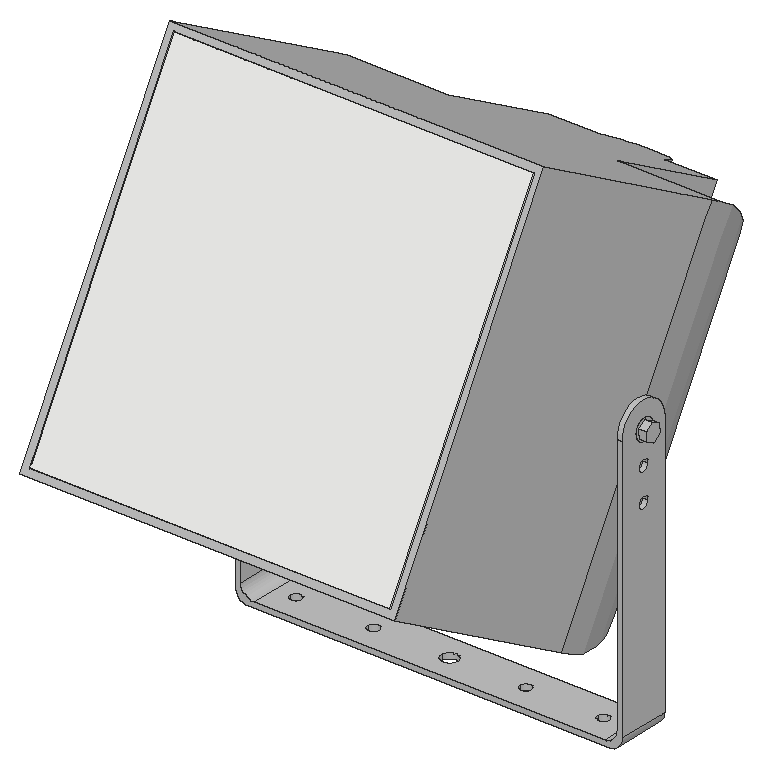
Revit family "Electronics_Community-Point-Source_Biamp_Loudspeaker_R_25", category Communication Devices, host Face, Revit 2020
Family settings
  Host = Face
  Maintain Annotation Orientation = No
  Round Connector Dimension = Use Diameter
  Part Type = Normal
  OmniClass Number = 23.85.10.11.14.14.14
  Cut with Voids When Loaded = No
  Shared = No
  Room Calculation Point = No
Parameters (values of type "R.25-94TZ")
  Weight = 22.9281 lbf
  Transducers = "LF   1 x 8 (203mm) carbon ring, hydrophobic cone, 2.5 (64mm) HF 1 x 3/4 (19mm)  exit, non-metallic Ferrofuid-cooled comp driver DYNA-TECH protection circuitry for drivers"  # constant formula
  Rotate angle [instance] = 30.00°
  Yoke Material = Biamp - Metal - Gray
  Width = 0' - 11.29921"  # constant formula
  URL = "https://www.biamp.com/"
  Required Accessories = "High Pass Filter - 100 Hz, 24 dB /octave, Digital Signal Processor"  # constant formula
  Recommended Amplifers = "200W - 400W @ 8 Ohms,  (40V - 57V)"
  Product data url = "https://www.bimobject.com/biamp/product/r-25_community-point-source"
  Product Page URL = "https://www.biamp.com/products/product-families/community/point-source#r-25"
  Product Documentation Link = "https://downloads.biamp.com/assets/docs/default-source/data-sheets/biamp_data_sheet_community_r-25-94z-94tz_oct21.pdf"
  Position Note [instance] = "Please, set the value from 1 to 3 to choose the installation position on the yoke"  # constant formula
  Position 3 angle [instance] = if(Rotate angle < -28.00°, -28.00°, if(Rotate angle > 207.00°, 207.00°, Rotate angle))  # 30.00°
  Position 3 [instance] = Position = Nom Position 3  # yes
  Position 2 angle -15 - 112 [instance] = if(Rotate angle < -15.00°, -15.00°, if(Rotate angle > 112.00°, 112.00°, Rotate angle))  # 30.00°
  Position 2 angle 157 - 195 [instance] = if(Rotate angle < 157.00°, 157.00°, if(Rotate angle > 195.00°, 195.00°, Rotate angle))  # 157.00°
  Position 1 angle -6 - 97 [instance] = if(Rotate angle < -6.00°, -6.00°, if(Rotate angle > 97.00°, 97.00°, Rotate angle))  # 30.00°
  Position 1 angle 172 - 186 [instance] = if(Rotate angle < 172.00°, 172.00°, if(Rotate angle > 186.00°, 186.00°, Rotate angle))  # 172.00°
  Position 1 [instance] = Position = Nom Position 1  # no
  Position [instance] = 3
  Operating Range = "100 Hz to 16 kHz"  # constant formula
  Operating Mode = "Passive - Low Impedance or 70V/100V models"  # constant formula
  Operating Environment = "Indoor or Weather-Resistant Outdoor"  # constant formula
  Offset [instance] = if(Nom Position = 1, 0' 6 53/128", if(Nom Position = 2, 0' 7 53/128", if(Nom Position = 3, 0' 8 53/128", 0' 0")))  # 0' - 8 53/128"
  Nominal Sensitivity = "1W/1m - 97dB; 2.83V - 97dB"  # constant formula
  Nominal Maximum SPL (Whole Space) = "Peak - 128dB; Continuous -120dB"  # constant formula
  Nominal Beamwidth  (H x V) = "90° x 40°"  # constant formula
  Nom angle [instance] = Default angle + 90.00°  # 120.00°
  Nom Position 3 angle [instance] = Position 3 angle  # 30.00°
  Nom Position 3 [instance] = 3  # constant formula
  Position 2 [instance] = Position = Nom Position 2  # no
  Nom Position 2 angle [instance] = if(Rotate angle < 224.00°, [Position 2 angle -15 - 112], [Position 2 angle 157 - 195])  # 30.00°
  Nom Position 2 [instance] = 2  # constant formula
  Nom Position 1 angle [instance] = if(Rotate angle < 224.00°, [Position 1 angle -6 - 97], [Position 1 angle 172 - 186])  # 30.00°
  Nom Position 1 [instance] = 1  # constant formula
  Nom Position [instance] = if(Position < 1, 1, if(and(Position > 1, Position < 3), Position, if(Position = 3, 3, if(Position > 3, 3, 1))))  # 3
  Mounting Points = "Five (5) M8 rigging points, 1-3/8 pole mount socket"  # constant formula
  Model = "R.25-94TZ"
  Max value position = 3  # constant formula
  Manufacturer = "Biamp"  # constant formula
  Input Connection = "16-2 SJOW cable (12 ft / 4m), with stripped ends"  # constant formula
  Included Accessories = "Zinc-rich epoxy dual-layer powder-coated yoke"  # constant formula
  Housing Material = Biamp - Plastic - Gray
  Height = 0' - 11.29921"  # constant formula
  Grill Material = Biamp - Plastic - Gray(Grid)
  Finish = "Refer to the Technical Drawing (page 3)"  # constant formula
  Equalized Sensitivity = "1W/1m - 96dB; 2.83V - 96dB"  # constant formula
  Equalized Maximum SPL = "Peak - 125dB; Continuous -119dB"  # constant formula
  Environmental = "IP55W per IEC 529, designed to MIL-STD-810G"  # constant formula
  Description = "R.25 Two-Way Coaxial Horn-Loaded 90° x 40° Weather-Resistant Loudspeaker"  # constant formula
  Depth = 1' - 1.30709"  # constant formula
  Default angle [instance] = if(Position 1, Nom Position 1 angle, if(Position 2, Nom Position 2 angle, Nom Position 3 angle))  # 30.00°
  Default Elevation = 4' - 0"
  Controls = "4-position tap selection rotary switch (behind plug)"
  Connector Description = "Terminal strip, 70V/100V operation"
Types (2): name | Weight | Recommended Amplifers | Model | Controls | Connector Description
  R.25-94Z | 20.0621 lbf | "" | "R.25-94Z" | "None" | "Terminal strip, Low Impedance"
  R.25-94TZ | 22.9281 lbf | "200W - 400W @ 8 Ohms,  (40V - 57V)" | "R.25-94TZ" | "4-position tap selection rotary switch (behind plug)" | "Terminal strip, 70V/100V operation"
Reference planes (in)
  plane 1 "Center (Front/Back)": y = 0
  plane 2: z = 0
  plane 3 "Center (Left/Right)": x = 0
  plane 4: z = 8.41406
Forms (in)
  Sweep 1, solid, material "Biamp - Metal - Gray" <- "Yoke Material", detail levels coarse
    path origin (0, 0, 0) x (1, 0, 0) y (0, 1, 0)
      loop
        line (0, -0.7874) -> (0, 0.7874)
    profile origin (0, 0, 0) x (-1, 0, 0) y (0, 0, 1)
      loop
        line (5.84449, 0) -> (5.84449, 9.20079) -> (5.68701, 9.20079) -> (5.68701, 0.15748) -> (-5.68701, 0.15748) -> (-5.68701, 9.20079) -> (-5.84449, 9.20079) -> (-5.84449, 0) -> (5.84449, 0)
  Sweep 2, solid, material "Biamp - Metal - Gray" <- "Yoke Material", detail levels medium+fine
    path origin (0, 0, 0) x (1, 0, 0) y (0, 1, 0)
      loop
        line (0, -0.7874) -> (0, 0.7874)
    profile origin (0, 0, 0) x (-1, 0, 0) y (0, 0, 1)
      loop
        arc (5.45079, 0) -> (5.72918, 0.11531) -> (5.84449, 0.3937) r 0.3937
        line (5.84449, 0.3937) -> (5.84449, 9.20079) -> (5.68701, 9.20079) -> (5.68701, 0.55118)
        arc (5.68701, 0.55118) -> (5.5717, 0.27279) -> (5.29331, 0.15748) r 0.3937
        line (5.29331, 0.15748) -> (-5.29331, 0.15748)
        arc (-5.29331, 0.15748) -> (-5.5717, 0.27279) -> (-5.68701, 0.55118) r 0.3937
        line (-5.68701, 0.55118) -> (-5.68701, 9.20079) -> (-5.84449, 9.20079) -> (-5.84449, 0.3937)
        arc (-5.84449, 0.3937) -> (-5.72918, 0.11531) -> (-5.45079, 0) r 0.3937
        line (-5.45079, 0) -> (5.45079, 0)
  Extrusion 3, void
    sketch origin (0, 0, 0) x (1, 0, 0) y (0, 1, 0)
      loop
        circle (0, 0) r 0.25591
      loop
        circle (2.29921, 0) r 0.17717
      loop
        circle (4.64567, 0) r 0.17717
      loop
        circle (-2.29921, 0) r 0.17717
      loop
        circle (-4.64567, 0) r 0.17717
    from 0 to 0.15748
  Sweep 4, void
    path origin (0, 0, 0) x (1, 0, 0) y (0, 1, 0)
      loop
        line (-6.63189, 0) -> (6.36024, 0)
    profile origin (-0.13583, 0, 0) x (0, 1, 0) y (0, 0, 1)
      loop
        circle (0, 8.41339) r 0.17717
      loop
        circle (0, 7.41339) r 0.17717
      loop
        circle (0, 6.41339) r 0.17717
  Sweep 5, void
    path origin (0, 0, 0) x (1, 0, 0) y (0, 1, 0)
      loop
        line (-6.63189, 0) -> (6.36024, 0)
    profile origin (-0.13583, 0, 0) x (0, 1, 0) y (0, 0, 1)
      loop
        line (0.7874, 9.20079) -> (0.7874, 9.39764) -> (-0.7874, 9.39764) -> (-0.7874, 8.41339)
        arc (-0.7874, 8.41339) -> (0, 9.20079) -> (0.7874, 8.41339) r 0.7874
        line (0.7874, 8.41339) -> (0.7874, 9.20079)
  Revolve 6, solid, material "Biamp - Metal - Gray" <- "Yoke Material"
    sketch origin (0, 0, 0) x (1, 0, 0) y (0, 0, 1)
      loop
        line (-5.38082, 8.41406) -> (-5.38082, 8.57387) -> (-5.84449, 8.57387) -> (-5.84449, 8.72253) -> (-5.88014, 8.72253) -> (-5.88014, 8.41406) -> (-5.38082, 8.41406)
      loop
        line (5.38082, 8.41406) -> (5.88014, 8.41406) -> (5.88014, 8.72253) -> (5.84449, 8.72253) -> (5.84449, 8.57387) -> (5.38082, 8.57387) -> (5.38082, 8.41406)
      axis (-5.88014, 8.41406) -> (5.88014, 8.41406)
    angle from 0 to 360
  Sweep 7, solid, material "Biamp - Metal - Gray" <- "Yoke Material", detail levels medium+fine
    path origin (0, 0, 0) x (1, 0, 0) y (0, 0, 1)
      loop
        line (-5.88014, 8.41406) -> (-6.13475, 8.41406)
    profile origin (-6.00744, 0, 8.41406) x (0, 0, -1) y (0, -1, 0)
      loop
        line (-0.27881, 0.02439) -> (-0.16053, -0.22926) -> (0.11828, -0.25365) -> (0.27881, -0.02439) -> (0.16053, 0.22926) -> (-0.11828, 0.25365) -> (-0.27881, 0.02439)
  Sweep 8, solid, material "Biamp - Metal - Gray" <- "Yoke Material", detail levels medium+fine
    path origin (0, 0, 0) x (-1, 0, 0) y (0, 0, 1)
      loop
        line (-5.88014, 8.41406) -> (-6.13475, 8.41406)
    profile origin (6.00744, 0, 8.41406) x (0, 0, 1) y (0, -1, 0)
      loop
        line (0.27881, 0.02439) -> (0.11828, 0.25365) -> (-0.16053, 0.22926) -> (-0.27881, -0.02439) -> (-0.11828, -0.25365) -> (0.16053, -0.22926) -> (0.27881, 0.02439)
Cuts and joins
  Extrusion 3 cuts Sweep 1
  Extrusion 3, Sweep 4, Sweep 5 cuts Sweep 2
Lines and regions (in)
  Masking region 1
    outline origin (0, 0, 0) x (1, 0, 0) y (0, 1, 0)
      loop
        line (-5.80709, 0.7874) -> (-5.80709, -0.7874) -> (-5.64961, -0.7874) -> (-5.64961, 0.7874) -> (-5.80709, 0.7874)
      loop
        line (5.64961, 0.7874) -> (5.64961, -0.7874) -> (5.80709, -0.7874) -> (5.80709, 0.7874) -> (5.64961, 0.7874)
  reference lines
    curve 1: line (0, 0, 8.41406) -> (0, 3.83858, 15.06268)
Dimensions and locks (in)
  "Offset": plane 4 to plane 2
  "Nom angle": angle plane 4 to curve 1
  aligned and locked: plane 2 to host face
  aligned and locked: level to host face
  aligned and locked: plane 4 to curve 1
  aligned and locked: plane 1 "Center (Front/Back)" to curve 1
  aligned and locked: Revolve 6 sketch curve to plane 4
  aligned and locked: Sweep 8 sketch curve to plane 4
Automatic sketch dimensions
  host sketch curve to host sketch curve = 8' - 0"  (x2)
  Sweep 1 sketch curve to plane 3 "Center (Left/Right)" = 0' - 0"
  plane 1 "Center (Front/Back)" to Sweep 1 sketch curve = 0' - 0.7874"
  Sweep 1 sketch curve to plane 1 "Center (Front/Back)" = 0' - 0.7874"
  Sweep 1 sketch curve to level = 0' - 0"
  profile plane to Sweep 1 sketch curve = 0' - 5.84449"
  Sweep 1 sketch curve to Sweep 1 sketch curve = 0' - 0.15748"  (x2)
  level to Sweep 1 sketch curve = 0' - 0.15748"
  Sweep 1 sketch curve to profile plane = 0' - 5.68701"
  Sweep 1 sketch curve to Sweep 1 sketch curve = 0' - 9.04331"  (x2)
  Sweep 2 sketch curve to plane 3 "Center (Left/Right)" = 0' - 0"
  plane 1 "Center (Front/Back)" to Sweep 2 sketch curve = 0' - 0.7874"
  Sweep 2 sketch curve to plane 1 "Center (Front/Back)" = 0' - 0.7874"
  Sweep 2 sketch curve to level = 0' - 0"
  profile plane to Sweep 2 sketch curve = 0' - 5.84449"
  Sweep 2 sketch curve to Sweep 2 sketch curve = 0' - 0.15748"  (x4)
  Sweep 2 sketch curve to Sweep 2 sketch curve = 0' - 0.3937"
  level to Sweep 2 sketch curve = 0' - 0.15748"
  Sweep 2 sketch curve to profile plane = 0' - 5.29331"
  Sweep 2 sketch curve to Sweep 2 sketch curve = 0' - 0.23622"
  Sweep 2 sketch curve to Sweep 2 sketch curve = 0' - 8.64961"  (x2)
  plane 1 "Center (Front/Back)" to Extrusion 3 sketch curve = 0' - 0"  (x5)
  Extrusion 3 sketch curve to plane 3 "Center (Left/Right)" = 0' - 0"
  Extrusion 3 sketch curve to plane 3 "Center (Left/Right)" = 0' - 2.29921"
  Extrusion 3 sketch curve to Extrusion 3 sketch curve = 0' - 2.34646"  (x2)
  Extrusion 3 sketch curve to Extrusion 3 sketch curve = 0' - 2.29921"
  plane 1 "Center (Front/Back)" to Sweep 4 sketch curve = 0' - 0"
  Sweep 4 sketch curve to plane 3 "Center (Left/Right)" = 0' - 6.63189"
  plane 3 "Center (Left/Right)" to Sweep 4 sketch curve = 0' - 6.36024"
  Sweep 4 sketch curve to profile plane = 0' - 0"  (x3)
  level to Sweep 4 sketch curve = 0' - 6.41339"
  Sweep 4 sketch curve to Sweep 4 sketch curve = 0' - 1"  (x2)
  plane 1 "Center (Front/Back)" to Sweep 5 sketch curve = 0' - 0"
  Sweep 5 sketch curve to plane 3 "Center (Left/Right)" = 0' - 6.63189"
  plane 3 "Center (Left/Right)" to Sweep 5 sketch curve = 0' - 6.36024"
  Sweep 5 sketch curve to profile plane = 0' - 0"
  profile plane to Sweep 5 sketch curve = 0' - 0.7874"
  level to Sweep 5 sketch curve = 0' - 8.41339"
  Sweep 5 sketch curve to Sweep 5 sketch curve = 0' - 0.7874"
  Sweep 5 sketch curve to Sweep 5 sketch curve = 0' - 0.98425"
  Revolve 6 sketch curve to plane 4 = 0' - 0"  (x2)
  Revolve 6 sketch curve to plane 3 "Center (Left/Right)" = 0' - 5.88014"
  Revolve 6 sketch curve to Revolve 6 sketch curve = 0' - 0.03565"  (x2)
  Revolve 6 sketch curve to Revolve 6 sketch curve = 0' - 0.46367"  (x2)
  plane 3 "Center (Left/Right)" to Revolve 6 sketch curve = 0' - 5.38082"
  plane 4 to Revolve 6 sketch curve = 0' - 0.15981"
  Revolve 6 sketch curve to Revolve 6 sketch curve = 0' - 0.15981"
  Revolve 6 sketch curve to Revolve 6 sketch curve = 0' - 0.14866"  (x2)
  Revolve 6 sketch curve to Revolve 6 sketch curve = 0' - 1.53916"
  Revolve 6 sketch curve to Revolve 6 sketch curve = 0' - 3.62971"
  Sweep 7 sketch curve to plane 4 = 0' - 0"
  Sweep 7 sketch curve to plane 3 "Center (Left/Right)" = 0' - 6.13475"
  Sweep 7 sketch curve to Sweep 7 sketch curve = 0' - 0.25461"
  plane 1 "Center (Front/Back)" to Sweep 7 sketch curve = 0' - 0.02439"
  profile plane to Sweep 7 sketch curve = 0' - 0.27881"
  profile plane to Sweep 7 sketch curve = 0' - 0.16053"
  profile plane to Sweep 7 sketch curve = 0' - 0.11828"
  Sweep 7 sketch curve to profile plane = 0' - 0.11828"
  Sweep 7 sketch curve to profile plane = 0' - 0.16053"
  Sweep 7 sketch curve to plane 1 "Center (Front/Back)" = 0' - 0.02439"
  Sweep 7 sketch curve to profile plane = 0' - 0.27881"
  Sweep 7 sketch curve to plane 1 "Center (Front/Back)" = 0' - 0.22926"
  Sweep 7 sketch curve to plane 1 "Center (Front/Back)" = 0' - 0.25365"
  plane 1 "Center (Front/Back)" to Sweep 7 sketch curve = 0' - 0.22926"
  plane 1 "Center (Front/Back)" to Sweep 7 sketch curve = 0' - 0.25365"
  Sweep 8 sketch curve to plane 3 "Center (Left/Right)" = 0' - 6.13475"
  Sweep 8 sketch curve to Sweep 8 sketch curve = 0' - 0.25461"
  Sweep 8 sketch curve to plane 1 "Center (Front/Back)" = 0' - 0.02439"
  profile plane to Sweep 8 sketch curve = 0' - 0.27881"
  profile plane to Sweep 8 sketch curve = 0' - 0.16053"
  profile plane to Sweep 8 sketch curve = 0' - 0.11828"
  Sweep 8 sketch curve to profile plane = 0' - 0.11828"
  Sweep 8 sketch curve to profile plane = 0' - 0.16053"
  plane 1 "Center (Front/Back)" to Sweep 8 sketch curve = 0' - 0.02439"
  Sweep 8 sketch curve to profile plane = 0' - 0.27881"
  Sweep 8 sketch curve to plane 1 "Center (Front/Back)" = 0' - 0.22926"
  Sweep 8 sketch curve to plane 1 "Center (Front/Back)" = 0' - 0.25365"
  plane 1 "Center (Front/Back)" to Sweep 8 sketch curve = 0' - 0.22926"
  plane 1 "Center (Front/Back)" to Sweep 8 sketch curve = 0' - 0.25365"
  plane 1 "Center (Front/Back)" to Masking region 1 sketch curve = 0' - 0.7874"  (x2)
  Masking region 1 sketch curve to plane 3 "Center (Left/Right)" = 0' - 5.80709"
  Masking region 1 sketch curve to Masking region 1 sketch curve = 0' - 0.15748"  (x2)
  Masking region 1 sketch curve to plane 1 "Center (Front/Back)" = 0' - 0.7874"  (x2)
  plane 3 "Center (Left/Right)" to Masking region 1 sketch curve = 0' - 5.64961"
  radius of Extrusion 3 sketch curve = 0' - 0.25591"
  radius of Extrusion 3 sketch curve = 0' - 0.17717"  (x4)
  radius of Sweep 4 sketch curve = 0' - 0.17717"  (x3)
Nested families (in)
  nested 1: "R.25" at (0, -3.40934, 3.85839) x (1, 0, 0) z (0, 0.5, 0.866), Grill <- "Grill Material", Host <- "Housing Material", type "R.25"
    with Host Biamp - Plastic - Gray, Grill Biamp - Plastic - Gray(Grid)
Connectors (in)
  electrical at (1.76599, 6.26693, 10.10667), driven by "Connector Description"
    settings: on nested 1, index 1, voltage 100 V, apparent load 0 VA, apparent load phase1 800 VA, apparent load phase2 0 VA, apparent load phase3 0 VA, power factor 1, load classification "Other", number of poles 1, system type 5, power factor state 1, is connector primary yes, connector utility no, sub classification motor no, connector description "Terminal strip, 70V/100V operation"
Definition of nested family "R.25"
  Parameters (values of type "R.25")
    Host [instance] = none
    Grill [instance] = none
    Default Elevation = 4' - 0"
  Reference planes (in)
    plane 1 "Center (Front/Back)": y = 0
    plane 2: z = 0
    plane 3 "Center (Left/Right)": x = 0
    plane 4: y = 0.67474
  Forms (in)
    Extrusion 1, solid, material <- "Host", detail levels coarse
      sketch origin (0, 0, 0) x (0, 1, 0) y (0, 0, 1)
        loop
          line (-6.63119, 11.3) -> (-6.63119, 0) -> (1.02511, 0)
          arc (1.02511, 0) -> (4.32645, 1.06484) -> (6.3834, 3.858) r 5.65
          line (6.3834, 3.858) -> (6.3834, 7.442)
          arc (6.3834, 7.442) -> (4.32645, 10.23516) -> (1.02511, 11.3) r 5.65
          line (1.02511, 11.3) -> (-6.63119, 11.3)
      from -5.64961 to 5.64961
    Extrusion 2, solid, material <- "Host", detail levels coarse
      sketch origin (0, -0.34449, 0) x (0, 1, 0) y (0, 0, 1)
        loop
          line (5.71526, 8.01639) -> (5.71526, 11.3) -> (0.59715, 11.3) -> (5.71526, 8.01639)
      from -2.55906 to 2.55906
    Extrusion 3, solid, material <- "Host", detail levels coarse
      sketch origin (0, 0.59055, 0) x (1, 0, 0) y (0, 1, 0)
        loop
          line (-0.98425, 4.78022) -> (0.98425, 4.78022)
          arc (0.98425, 4.78022) -> (0, 5.76447) -> (-0.98425, 4.78022) r 0.98425
      from 5.89807 to 11.3
    Extrusion 4, void
      sketch origin (0, 5.37077, 3.28361) x (0, 0, 1) y (-1, 0, 0)
        loop
          circle (6.96569, -1.76599) r 0.3937
      from 0 to 0.11502
    Extrusion 5, solid, material <- "Host", detail levels medium+fine
      sketch origin (0, 0, 0) x (0, 1, 0) y (0, 0, 1)
        loop
          line (-6.63119, 11.3) -> (-6.63119, 0) -> (1.02511, 0)
          arc (1.02511, 0) -> (4.32645, 1.06484) -> (6.3834, 3.858) r 5.65
          line (6.3834, 3.858) -> (6.3834, 7.442)
          arc (6.3834, 7.442) -> (4.32645, 10.23516) -> (1.02511, 11.3) r 5.65
          line (1.02511, 11.3) -> (-6.63119, 11.3)
      from -5.64961 to 5.64961
    Extrusion 6, solid, material <- "Host", detail levels medium+fine
      sketch origin (0, 0.59055, 0) x (1, 0, 0) y (0, 1, 0)
        loop
          line (-0.98425, 4.78022) -> (0.98425, 4.78022)
          arc (0.98425, 4.78022) -> (0, 5.76447) -> (-0.98425, 4.78022) r 0.98425
      from 5.62165 to 11.3
    Extrusion 7, solid, material <- "Host", detail levels medium+fine
      sketch origin (0, -0.34449, 0) x (0, 1, 0) y (0, 0, 1)
        loop
          line (5.71526, 8.01639) -> (5.71526, 11.3) -> (0.59715, 11.3) -> (5.71526, 8.01639)
      from -2.55906 to 2.55906
    Extrusion 8, void
      sketch origin (0, -6.63119, 11.16) x (0, 0, 1) y (1, 0, 0)
        loop
          line (-0.05685, -5.45276) -> (-0.05685, 5.45276) -> (-10.96315, 5.45276) -> (-10.96315, -5.45276) -> (-0.05685, -5.45276)
      from 0 to 0.22961
    Extrusion 9, solid, material <- "Grill", detail levels medium+fine
      sketch origin (0, -6.63119, 11.16) x (0, 0, -1) y (1, 0, 0)
        loop
          line (0.07654, -5.43307) -> (10.94346, -5.43307) -> (10.94346, 5.43307) -> (0.07654, 5.43307) -> (0.07654, -5.43307)
      from -0.22961 to 0
    Extrusion 10, void
      sketch origin (0, 0, 0) x (1, 0, 0) y (0, 1, 0)
        loop
          arc (-5.64961, 0.67474) -> (-4.46401, 4.09836) -> (-1.65236, 6.3834) r 6.61281
          line (-1.65236, 6.3834) -> (-5.64961, 6.3834) -> (-5.64961, 0.67474)
        loop
          line (5.64961, 0.67474) -> (5.64961, 6.3834) -> (1.65236, 6.3834)
          arc (1.65236, 6.3834) -> (4.46401, 4.09836) -> (5.64961, 0.67474) r 6.61281
      from 0 to 15.2083
  Cuts and joins
    Extrusion 4, Extrusion 10 cuts Extrusion 1
    Extrusion 4, Extrusion 8, Extrusion 10 cuts Extrusion 2
    Extrusion 4, Extrusion 8, Extrusion 10 cuts Extrusion 3
    joined: Extrusion 1, Extrusion 2, Extrusion 3
    Extrusion 8, Extrusion 10 cuts Extrusion 5
    Extrusion 8, Extrusion 10 cuts Extrusion 6
    Extrusion 4, Extrusion 8, Extrusion 10 cuts Extrusion 7
    joined: Extrusion 5, Extrusion 6, Extrusion 7
  Lines and regions (in)
    Masking region 1
      outline origin (0, 0, 0) x (1, 0, 0) y (0, 0, 1)
        loop
          line (-5.64961, 11.3) -> (-5.64961, 0) -> (5.64961, 0) -> (5.64961, 11.3) -> (-5.64961, 11.3)
    Masking region 2
      outline origin (0, 0, 0) x (1, 0, 0) y (0, 0, 1)
        loop
          line (-5.43307, 11.08346) -> (-5.43307, 0.21654) -> (5.43307, 0.21654) -> (5.43307, 11.08346) -> (-5.43307, 11.08346)
    Masking region 3
      outline origin (0, 0, 0) x (1, 0, 0) y (0, 1, 0)
        loop
          line (-5.64961, 0.67474) -> (-5.64961, -6.63119) -> (5.64961, -6.63119) -> (5.64961, 0.67474)
          arc (5.64961, 0.67474) -> (4.46401, 4.09836) -> (1.65236, 6.3834) r 6.61281
          line (1.65236, 6.3834) -> (-1.65236, 6.3834)
          arc (-1.65236, 6.3834) -> (-4.46401, 4.09836) -> (-5.64961, 0.67474) r 6.61281
  Dimensions and locks (in)
    aligned and locked: level to plane 2
